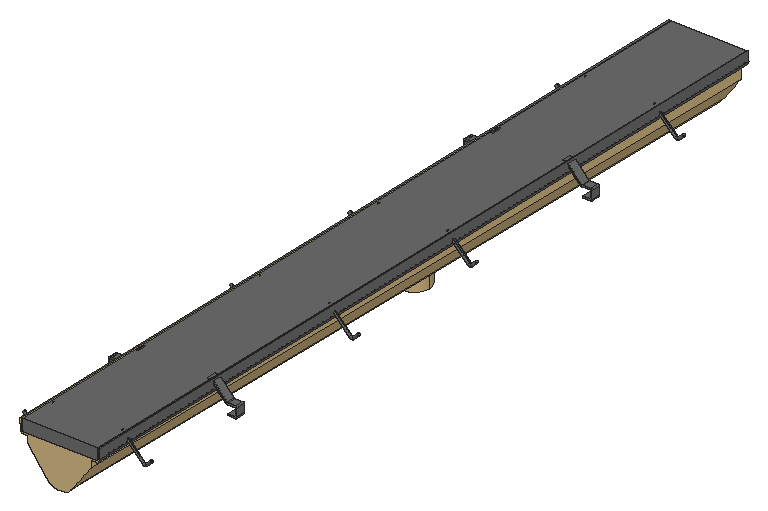
Revit family "xTrench_Drain-Jay R. Smith-9812BS", category Plumbing Fixtures, Revit 2019
Family settings
  Round Connector Dimension = Use Diameter
  Part Type = Normal
  OmniClass Number = 23.70.50.21.24
  OmniClass Title = Waste Water Drains
  Work Plane-Based = Yes
  Always vertical = No
  Cut with Voids When Loaded = No
  Shared = Yes
  Room Calculation Point = No
Parameters (values of type "9812-801")
  Waste Connection = yes
  Vent Connection = no
  Universal Shallow Closing End Cap = no
  Universal Deep Closing End Cap = no
  URL = "http://www.jrsmith.com"
  Type Comments = "10-inch WIDE HIGH CAPACITY PRE-SLOPED FIBERGLASS"  # constant formula
  Total Length = 108.00"
  Stainless Steel Bar Grate = no
  Shallow End Depth = 6.88"
  Product URL = "https://www.jrsmith.com/high-capacity-fiberglass-trench-9812"
  Product Documentation Link = "https://www.jrsmith.com/uploads/fileLibrary/d9812.pdf"
  Outlet Size (Specify) = 4.00"
  Opening Outer Rad = 2.25"  # constant formula
  Opening Inner Rad = 2.00"  # constant formula
  Model = "9812"
  Manufacturer = "Jay R. Smith"
  Line Spacing [instance] = 3.00"
  J Bend Anchor = yes
  Inlet Size (Specify) = 4.00"
  Horizontal Inlet Cap = no
  Horizontal Outlet Cap = no
  HW Connection = no
  Grate Material [instance] = Metal-Jay R. Smith-Steel
  Galvanized Steel Bar Grate = no
  End Cap Right = no
  Ductile Iron Slotted Grate = no
  Description = "10-inch WIDE HIGH CAPACITY PRE-SLOPED FIBERGLASS TRENCH DRAIN SYSTEM"  # constant formula
  Default Elevation = 0.00"
  Deep End Depth = 8.00"
  108 Channel Rebar = yes
  CW Connection = no
  Bottom Outlet Dist. from Front Inlet = 59.00"
  Bottom Outlet (Specify) = 4.00"
  Bottom Outlet = yes
  Body Material = Polyester-Jay R. Smith-Fiberglass
  Assembly Code = "D2030300"
  3N3 Rebar = no
  # of Lines [instance] = Total Length / Line Spacing  # 36
Types (21): name | Total Length | Shallow End Depth | Outlet Size (Specify) | J Bend Anchor | Deep End Depth | 108 Channel Rebar | Bottom Outlet Dist. from Front Inlet | 3N3 Rebar | # of Lines
  (no name) | 108.00" | 6.88" | 4.00" | yes | 8.00" | yes | 59.00" | no | 36
  9812-801 | 108.00" | 6.88" | 4.00" | yes | 8.00" | yes | 59.00" | no | 36
  9812-802 | 108.00" | 8.00" | 0.00" | yes | 9.13" | yes | 59.00" | no | 36
  9812-803 | 108.00" | 9.13" | 0.00" | yes | 10.25" | yes | 59.00" | no | 36
  9812-803N | 108.00" | 10.25" | 0.00" | yes | 10.25" | yes | 59.00" | no | 36
  9812-804 | 108.00" | 10.25" | 0.00" | yes | 11.38" | yes | 59.00" | no | 36
  9812-805 | 108.00" | 11.38" | 0.00" | yes | 12.50" | yes | 59.00" | no | 36
  9812-806 | 108.00" | 12.50" | 0.00" | yes | 13.63" | yes | 59.00" | no | 36
  9812-806N | 108.00" | 13.63" | 0.00" | yes | 13.63" | yes | 59.00" | no | 36
  9812-807 | 108.00" | 13.63" | 0.00" | yes | 14.75" | yes | 59.00" | no | 36
  9812-808 | 108.00" | 14.75" | 0.00" | yes | 15.88" | yes | 59.00" | no | 36
  9812-809N | 108.00" | 17.00" | 0.00" | yes | 17.00" | yes | 59.00" | no | 36
  9812-810 | 108.00" | 17.00" | 0.00" | yes | 18.13" | yes | 59.00" | no | 36
  9812-811 | 108.00" | 18.13" | 0.00" | yes | 19.25" | yes | 59.00" | no | 36
  9812-812 | 108.00" | 19.25" | 0.00" | yes | 20.38" | yes | 59.00" | no | 36
  9812-812N | 108.00" | 20.38" | 0.00" | yes | 20.38" | yes | 59.00" | no | 36
  9812-809 | 108.00" | 15.88" | 0.00" | yes | 17.00" | yes | 59.00" | no | 36
  9812-803N3 | 36.00" | 10.25" | 0.00" | no | 10.25" | no | 25.00" | yes | 12
  9812-806N3 | 36.00" | 13.63" | 0.00" | no | 13.63" | no | 25.00" | yes | 12
  9812-809N3 | 36.00" | 17.00" | 0.00" | no | 17.00" | no | 25.00" | yes | 12
  9812-812N3 | 36.00" | 20.38" | 0.00" | no | 20.38" | no | 25.00" | yes | 12
Reference planes
  plane 1 "Center (Front/Back)": y = 0
  plane 2: z = 0
  plane 3 "Center (Left/Right)": x = 0
  plane 4: z = -39.688
  plane 5: z = -174.752
  plane 6: z = -203.2
  plane 7: y = -749.3
  plane 8: y = -1993.9
  plane 9: y = -2743.2
  plane 10: y = -374.65
  plane 11: y = -2368.55
  plane 12: y = -1164.167
  plane 13: y = -1579.033
  plane 14: x = -101.6
  plane 15: x = 101.6
  plane 16: x = -128.27
  plane 17: x = 128.27
  plane 18: x = -217.17
  plane 19: x = 217.17
  plane 20: y = -2732.782
  plane 21: y = -2743.2
  plane 22: y = -2732.782
  plane 23: y = -2743.2
  plane 24: y = -2748.032
  plane 25: y = 0
  plane 26: y = -10.319
  plane 27: y = 0
  plane 28: y = -10.319
  plane 29: y = 4.762
  plane 30: y = -1244.6
  plane 31: z = -58.738
  plane 32: z = -146.05
  plane 33: z = -117.602
  plane 34: x = -46.047
  plane 35: x = 46.047
  plane 36: x = -46.233
  plane 37: x = 46.233
  plane 38: z = -95.941
  plane 39: z = -67.24
Forms (mm)
  Extrusion 1, solid, material "Metal-Jay R. Smith-Steel" <- "Grate Material"
    sketch origin (0, 0, 0) x (1, 0, 0) y (0, 0, 1)
      loop
        line (-127.937, 0) -> (-127.937, -33.338)
        arc (-127.937, -33.338) -> (-126.077, -37.828) -> (-121.587, -39.688) r 6.35
        line (-121.587, -39.688) -> (121.92, -39.688)
        arc (121.92, -39.688) -> (126.41, -37.828) -> (128.27, -33.338) r 6.35
        line (128.27, -33.338) -> (128.27, 0) -> (-127.937, 0)
    from 0 to 2743.2
  Extrusion 2, solid, material "Metal-Jay R. Smith-Steel" <- "Grate Material", visible <- "108 Channel Rebar"
    sketch origin (1191.736, -1652.191, -284.163) x (-1, 0, 0) y (0, 0, -1)
      loop
        line (1376.083, -192.808) -> (1376.083, -197.633) -> (1402.311, -197.633)
        arc (1402.311, -197.633) -> (1404.039, -198.349) -> (1404.755, -200.077) r 2.444
        line (1404.755, -200.077) -> (1404.755, -224.135)
        arc (1404.755, -224.135) -> (1404.271, -225.303) -> (1403.103, -225.787) r 1.651
        line (1403.103, -225.787) -> (1377.519, -225.787)
        arc (1377.519, -225.787) -> (1374.154, -226.456) -> (1371.302, -228.362) r 8.791
        line (1371.302, -228.362) -> (1319.668, -279.995) -> (1309.688, -279.995) -> (1309.688, -284.163) -> (1322.371, -284.163) -> (1374.734, -231.8)
        arc (1374.734, -231.8) -> (1375.721, -231.14) -> (1376.886, -230.908) r 3.044
        line (1376.886, -230.908) -> (1403.751, -230.908)
        arc (1403.751, -230.908) -> (1407.396, -229.398) -> (1408.906, -225.753) r 5.156
        line (1408.906, -225.753) -> (1408.906, -198.185)
        arc (1408.906, -198.185) -> (1407.332, -194.383) -> (1403.53, -192.808) r 5.376
        line (1403.53, -192.808) -> (1376.083, -192.808)
    from 584.2 to 613.569
  Extrusion 3, solid, material "Metal-Jay R. Smith-Steel" <- "Grate Material"
    sketch origin (1191.736, -150.416, -284.163) x (-1, 0, 0) y (0, 0, -1)
      loop
        line (1376.083, -192.808) -> (1376.083, -197.633) -> (1402.311, -197.633)
        arc (1402.311, -197.633) -> (1404.039, -198.349) -> (1404.755, -200.077) r 2.444
        line (1404.755, -200.077) -> (1404.755, -224.135)
        arc (1404.755, -224.135) -> (1404.271, -225.303) -> (1403.103, -225.787) r 1.651
        line (1403.103, -225.787) -> (1377.519, -225.787)
        arc (1377.519, -225.787) -> (1374.154, -226.456) -> (1371.302, -228.362) r 8.791
        line (1371.302, -228.362) -> (1319.668, -279.995) -> (1309.688, -279.995) -> (1309.688, -284.163) -> (1322.371, -284.163) -> (1374.734, -231.8)
        arc (1374.734, -231.8) -> (1375.721, -231.14) -> (1376.886, -230.908) r 3.044
        line (1376.886, -230.908) -> (1403.751, -230.908)
        arc (1403.751, -230.908) -> (1407.396, -229.398) -> (1408.906, -225.753) r 5.156
        line (1408.906, -225.753) -> (1408.906, -198.185)
        arc (1408.906, -198.185) -> (1407.332, -194.383) -> (1403.53, -192.808) r 5.376
        line (1403.53, -192.808) -> (1376.083, -192.808)
    from 584.2 to 613.569
  Sweep 4, solid, material "Metal-Jay R. Smith-Steel" <- "Grate Material", visible <- "J Bend Anchor"
    path origin (1194.332, -1384.249, -289.639) x (-1, 0, 0) y (0, 0, -1)
      loop
        line (1309.589, -286.938) -> (1384.176, -212.351)
        arc (1384.176, -212.351) -> (1389.322, -210.22) -> (1394.468, -212.351) r 7.278
        line (1394.468, -212.351) -> (1410.494, -228.377)
    profile origin (-152.551, -1384.249, -39.994) x (0.707107, 0, -0.707107) y (0, -1, 0)
      loop
        circle (0, 1241.476) r 3.81
  Sweep 5, solid, material "Metal-Jay R. Smith-Steel" <- "Grate Material", visible <- "J Bend Anchor"
    path origin (1194.332, -509.007, -289.639) x (-1, 0, 0) y (0, 0, -1)
      loop
        line (1309.589, -286.938) -> (1384.176, -212.351)
        arc (1384.176, -212.351) -> (1389.322, -210.22) -> (1394.468, -212.351) r 7.278
        line (1394.468, -212.351) -> (1410.494, -228.377)
    profile origin (-152.551, -509.007, -39.994) x (0.707107, 0, -0.707107) y (0, -1, 0)
      loop
        circle (0, 1241.476) r 3.81
  Sweep 6, solid, material "Metal-Jay R. Smith-Steel" <- "Grate Material", visible <- "J Bend Anchor"
    path origin (1194.332, -8.416, -289.639) x (-1, 0, 0) y (0, 0, -1)
      loop
        line (1309.589, -286.938) -> (1384.176, -212.351)
        arc (1384.176, -212.351) -> (1389.322, -210.22) -> (1394.468, -212.351) r 7.278
        line (1394.468, -212.351) -> (1410.494, -228.377)
    profile origin (-152.551, -8.416, -39.994) x (0.707107, 0, -0.707107) y (0, -1, 0)
      loop
        circle (0, 1241.476) r 3.81
  Sweep 7, solid, material "Metal-Jay R. Smith-Steel" <- "Grate Material", visible <- "J Bend Anchor"
    path origin (1194.332, 866.826, -289.639) x (-1, 0, 0) y (0, 0, -1)
      loop
        line (1309.589, -286.938) -> (1384.176, -212.351)
        arc (1384.176, -212.351) -> (1389.322, -210.22) -> (1394.468, -212.351) r 7.278
        line (1394.468, -212.351) -> (1410.494, -228.377)
    profile origin (-152.551, 866.826, -39.994) x (0.707107, 0, -0.707107) y (0, -1, 0)
      loop
        circle (0, 1241.476) r 3.81
  Extrusion 8, solid, material "Metal-Jay R. Smith-Steel" <- "Grate Material", visible <- "108 Channel Rebar"
    sketch origin (-1191.736, -1652.191, -284.163) x (1, 0, 0) y (0, 0, 1)
      loop
        line (1376.083, 192.808) -> (1403.53, 192.808)
        arc (1403.53, 192.808) -> (1407.332, 194.383) -> (1408.906, 198.185) r 5.376
        line (1408.906, 198.185) -> (1408.906, 225.753)
        arc (1408.906, 225.753) -> (1407.396, 229.398) -> (1403.751, 230.908) r 5.156
        line (1403.751, 230.908) -> (1376.886, 230.908)
        arc (1376.886, 230.908) -> (1375.721, 231.14) -> (1374.734, 231.8) r 3.044
        line (1374.734, 231.8) -> (1322.371, 284.163) -> (1309.688, 284.163) -> (1309.688, 279.995) -> (1319.668, 279.995) -> (1371.302, 228.362)
        arc (1371.302, 228.362) -> (1374.154, 226.456) -> (1377.519, 225.787) r 8.791
        line (1377.519, 225.787) -> (1403.103, 225.787)
        arc (1403.103, 225.787) -> (1404.271, 225.303) -> (1404.755, 224.135) r 1.651
        line (1404.755, 224.135) -> (1404.755, 200.077)
        arc (1404.755, 200.077) -> (1404.039, 198.349) -> (1402.311, 197.633) r 2.444
        line (1402.311, 197.633) -> (1376.083, 197.633) -> (1376.083, 192.808)
    from 584.2 to 613.569
  Extrusion 9, solid, material "Metal-Jay R. Smith-Steel" <- "Grate Material"
    sketch origin (-1191.736, -150.416, -284.163) x (1, 0, 0) y (0, 0, 1)
      loop
        line (1376.083, 192.808) -> (1403.53, 192.808)
        arc (1403.53, 192.808) -> (1407.332, 194.383) -> (1408.906, 198.185) r 5.376
        line (1408.906, 198.185) -> (1408.906, 225.753)
        arc (1408.906, 225.753) -> (1407.396, 229.398) -> (1403.751, 230.908) r 5.156
        line (1403.751, 230.908) -> (1376.886, 230.908)
        arc (1376.886, 230.908) -> (1375.721, 231.14) -> (1374.734, 231.8) r 3.044
        line (1374.734, 231.8) -> (1322.371, 284.163) -> (1309.688, 284.163) -> (1309.688, 279.995) -> (1319.668, 279.995) -> (1371.302, 228.362)
        arc (1371.302, 228.362) -> (1374.154, 226.456) -> (1377.519, 225.787) r 8.791
        line (1377.519, 225.787) -> (1403.103, 225.787)
        arc (1403.103, 225.787) -> (1404.271, 225.303) -> (1404.755, 224.135) r 1.651
        line (1404.755, 224.135) -> (1404.755, 200.077)
        arc (1404.755, 200.077) -> (1404.039, 198.349) -> (1402.311, 197.633) r 2.444
        line (1402.311, 197.633) -> (1376.083, 197.633) -> (1376.083, 192.808)
    from 584.2 to 613.569
  Sweep 10, solid, material "Metal-Jay R. Smith-Steel" <- "Grate Material", visible <- "J Bend Anchor"
    path origin (-1194.332, -1384.249, -289.639) x (1, 0, 0) y (0, 0, 1)
      loop
        line (1309.589, 286.938) -> (1384.176, 212.351)
        arc (1384.176, 212.351) -> (1389.322, 210.22) -> (1394.468, 212.351) r 7.278
        line (1394.468, 212.351) -> (1410.494, 228.377)
    profile origin (152.551, -1384.249, -39.994) x (0.707107, 0, 0.707107) y (0, -1, 0)
      loop
        circle (0, 1241.476) r 3.81
  Sweep 11, solid, material "Metal-Jay R. Smith-Steel" <- "Grate Material", visible <- "J Bend Anchor"
    path origin (-1194.332, -509.007, -289.639) x (1, 0, 0) y (0, 0, 1)
      loop
        line (1309.589, 286.938) -> (1384.176, 212.351)
        arc (1384.176, 212.351) -> (1389.322, 210.22) -> (1394.468, 212.351) r 7.278
        line (1394.468, 212.351) -> (1410.494, 228.377)
    profile origin (152.551, -509.007, -39.994) x (0.707107, 0, 0.707107) y (0, -1, 0)
      loop
        circle (0, 1241.476) r 3.81
  Sweep 12, solid, material "Metal-Jay R. Smith-Steel" <- "Grate Material", visible <- "J Bend Anchor"
    path origin (-1194.332, -8.416, -289.639) x (1, 0, 0) y (0, 0, 1)
      loop
        line (1309.589, 286.938) -> (1384.176, 212.351)
        arc (1384.176, 212.351) -> (1389.322, 210.22) -> (1394.468, 212.351) r 7.278
        line (1394.468, 212.351) -> (1410.494, 228.377)
    profile origin (152.551, -8.416, -39.994) x (0.707107, 0, 0.707107) y (0, -1, 0)
      loop
        circle (0, 1241.476) r 3.81
  Sweep 13, solid, material "Metal-Jay R. Smith-Steel" <- "Grate Material", visible <- "J Bend Anchor"
    path origin (-1194.332, 866.826, -289.639) x (1, 0, 0) y (0, 0, 1)
      loop
        line (1309.589, 286.938) -> (1384.176, 212.351)
        arc (1384.176, 212.351) -> (1389.322, 210.22) -> (1394.468, 212.351) r 7.278
        line (1394.468, 212.351) -> (1410.494, 228.377)
    profile origin (152.551, 866.826, -39.994) x (0.707107, 0, 0.707107) y (0, -1, 0)
      loop
        circle (0, 1241.476) r 3.81
  Extrusion 14, solid, material "Polyester-Jay R. Smith-Fiberglass" <- "Body Material", visible <- "Bottom Outlet"
    sketch origin (0, 0, 0) x (1, 0, 0) y (0, 1, 0)
      loop
        circle (0, -1244.6) r 50.8
    from -203.2 to -58.738
  Extrusion 15, solid, material "Metal-Jay R. Smith-Steel" <- "Grate Material", visible <- "3N3 Rebar"
    sketch origin (1191.736, 433.784, -284.163) x (-1, 0, 0) y (0, 0, -1)
      loop
        line (1376.083, -192.808) -> (1376.083, -197.633) -> (1402.311, -197.633)
        arc (1402.311, -197.633) -> (1404.039, -198.349) -> (1404.755, -200.077) r 2.444
        line (1404.755, -200.077) -> (1404.755, -224.135)
        arc (1404.755, -224.135) -> (1404.271, -225.303) -> (1403.103, -225.787) r 1.651
        line (1403.103, -225.787) -> (1377.519, -225.787)
        arc (1377.519, -225.787) -> (1374.154, -226.456) -> (1371.302, -228.362) r 8.791
        line (1371.302, -228.362) -> (1319.668, -279.995) -> (1309.688, -279.995) -> (1309.688, -284.163) -> (1322.371, -284.163) -> (1374.734, -231.8)
        arc (1374.734, -231.8) -> (1375.721, -231.14) -> (1376.886, -230.908) r 3.044
        line (1376.886, -230.908) -> (1403.751, -230.908)
        arc (1403.751, -230.908) -> (1407.396, -229.398) -> (1408.906, -225.753) r 5.156
        line (1408.906, -225.753) -> (1408.906, -198.185)
        arc (1408.906, -198.185) -> (1407.332, -194.383) -> (1403.53, -192.808) r 5.376
        line (1403.53, -192.808) -> (1376.083, -192.808)
    from 584.2 to 613.569
  Extrusion 16, solid, material "Metal-Jay R. Smith-Steel" <- "Grate Material", visible <- "3N3 Rebar"
    sketch origin (-1191.736, 433.784, -284.163) x (1, 0, 0) y (0, 0, 1)
      loop
        line (1376.083, 192.808) -> (1403.53, 192.808)
        arc (1403.53, 192.808) -> (1407.332, 194.383) -> (1408.906, 198.185) r 5.376
        line (1408.906, 198.185) -> (1408.906, 225.753)
        arc (1408.906, 225.753) -> (1407.396, 229.398) -> (1403.751, 230.908) r 5.156
        line (1403.751, 230.908) -> (1376.886, 230.908)
        arc (1376.886, 230.908) -> (1375.721, 231.14) -> (1374.734, 231.8) r 3.044
        line (1374.734, 231.8) -> (1322.371, 284.163) -> (1309.688, 284.163) -> (1309.688, 279.995) -> (1319.668, 279.995) -> (1371.302, 228.362)
        arc (1371.302, 228.362) -> (1374.154, 226.456) -> (1377.519, 225.787) r 8.791
        line (1377.519, 225.787) -> (1403.103, 225.787)
        arc (1403.103, 225.787) -> (1404.271, 225.303) -> (1404.755, 224.135) r 1.651
        line (1404.755, 224.135) -> (1404.755, 200.077)
        arc (1404.755, 200.077) -> (1404.039, 198.349) -> (1402.311, 197.633) r 2.444
        line (1402.311, 197.633) -> (1376.083, 197.633) -> (1376.083, 192.808)
    from 584.2 to 613.569
  Blend 17, solid, material "Polyester-Jay R. Smith-Fiberglass" <- "Body Material"
    base sketch origin (0, 0, 0) x (1, 0, 0) y (0, 0, 1)
      loop
        arc (-46.233, -179.645) -> (0, -203.2) -> (46.233, -179.645) r 57.15
        line (46.233, -179.645) -> (107.95, -95.941) -> (107.95, -46.037) -> (121.587, -46.037)
        arc (121.587, -46.037) -> (130.567, -42.318) -> (134.287, -33.338) r 12.7
        line (134.287, -33.338) -> (134.287, 0) -> (127.937, 0) -> (127.937, -33.338)
        arc (127.937, -33.338) -> (126.077, -37.828) -> (121.587, -39.688) r 6.35
        line (121.587, -39.688) -> (-121.587, -39.688)
        arc (-121.587, -39.688) -> (-126.077, -37.828) -> (-127.937, -33.338) r 6.35
        line (-127.937, -33.338) -> (-127.937, 0) -> (-134.287, 0) -> (-134.287, -33.338)
        arc (-134.287, -33.338) -> (-130.567, -42.318) -> (-121.587, -46.038) r 12.7
        line (-121.587, -46.038) -> (-107.95, -46.038) -> (-107.95, -95.941) -> (-46.233, -179.645)
    top sketch origin (0, 0, 0) x (1, 0, 0) y (0, 0, 1)
      loop
        line (-127.937, 0) -> (-134.287, 0) -> (-134.287, -33.337)
        arc (-134.287, -33.337) -> (-130.567, -42.318) -> (-121.587, -46.037) r 12.7
        line (-121.587, -46.037) -> (-107.95, -46.038) -> (-107.95, -67.24) -> (-46.047, -151.451)
        arc (-46.047, -151.451) -> (0, -174.752) -> (46.047, -151.451) r 57.15
        line (46.047, -151.451) -> (107.95, -67.24) -> (107.95, -46.037) -> (121.587, -46.037)
        arc (121.587, -46.037) -> (130.567, -42.318) -> (134.287, -33.337) r 12.7
        line (134.287, -33.337) -> (134.287, 0) -> (127.937, 0) -> (127.937, -33.337)
        arc (127.937, -33.337) -> (126.077, -37.828) -> (121.587, -39.687) r 6.35
        line (121.587, -39.687) -> (-121.587, -39.687)
        arc (-121.587, -39.687) -> (-126.077, -37.828) -> (-127.937, -33.337) r 6.35
        line (-127.937, -33.337) -> (-127.937, 0)
    from 0 to 2743.2
  Extrusion 18, solid, material "Polyester-Jay R. Smith-Fiberglass" <- "Body Material", visible <- "Horizontal Inlet Cap"
    sketch origin (0, 0, 0) x (1, 0, 0) y (0, 0, 1)
      loop
        circle (0, -117.602) r 57.15
    from 2743.2 to 2748.032
  Extrusion 19, solid, material "Polyester-Jay R. Smith-Fiberglass" <- "Body Material", visible <- "Horizontal Outlet Cap"
    sketch origin (0, 0, 0) x (1, 0, 0) y (0, 0, 1)
      loop
        circle (0, -146.05) r 57.15
    from -4.763 to 0
Lines and regions (mm)
  model lines
    curve 1: line (0, 0, 0) -> (0, -2743.2, 0)
  model lines, detail levels medium+fine
    curve 2: line (-127.937, 0, 0) -> (128.191, 0, 0)
    curve 3: line (-127.937, -76.2, 0) -> (128.191, -76.2, 0)
    curve 4: line (-127.937, -152.4, 0) -> (128.191, -152.4, 0)
    curve 5: line (-127.937, -228.6, 0) -> (128.191, -228.6, 0)
    curve 6: line (-127.937, -304.8, 0) -> (128.191, -304.8, 0)
    curve 7: line (-127.937, -381, 0) -> (128.191, -381, 0)
    curve 8: line (-127.937, -457.2, 0) -> (128.191, -457.2, 0)
    curve 9: line (-127.937, -533.4, 0) -> (128.191, -533.4, 0)
    curve 10: line (-127.937, -609.6, 0) -> (128.191, -609.6, 0)
    curve 11: line (-127.937, -685.8, 0) -> (128.191, -685.8, 0)
    curve 12: line (-127.937, -762, 0) -> (128.191, -762, 0)
    curve 13: line (-127.937, -838.2, 0) -> (128.191, -838.2, 0)
    curve 14: line (-127.937, -914.4, 0) -> (128.191, -914.4, 0)
    curve 15: line (-127.937, -990.6, 0) -> (128.191, -990.6, 0)
    curve 16: line (-127.937, -1066.8, 0) -> (128.191, -1066.8, 0)
    curve 17: line (-127.937, -1143, 0) -> (128.191, -1143, 0)
    curve 18: line (-127.937, -1219.2, 0) -> (128.191, -1219.2, 0)
    curve 19: line (-127.937, -1295.4, 0) -> (128.191, -1295.4, 0)
    curve 20: line (-127.937, -1371.6, 0) -> (128.191, -1371.6, 0)
    curve 21: line (-127.937, -1447.8, 0) -> (128.191, -1447.8, 0)
    curve 22: line (-127.937, -1524, 0) -> (128.191, -1524, 0)
    curve 23: line (-127.937, -1600.2, 0) -> (128.191, -1600.2, 0)
    curve 24: line (-127.937, -1676.4, 0) -> (128.191, -1676.4, 0)
    curve 25: line (-127.937, -1752.6, 0) -> (128.191, -1752.6, 0)
    curve 26: line (-127.937, -1828.8, 0) -> (128.191, -1828.8, 0)
    curve 27: line (-127.937, -1905, 0) -> (128.191, -1905, 0)
    curve 28: line (-127.937, -1981.2, 0) -> (128.191, -1981.2, 0)
    curve 29: line (-127.937, -2057.4, 0) -> (128.191, -2057.4, 0)
    curve 30: line (-127.937, -2133.6, 0) -> (128.191, -2133.6, 0)
    curve 31: line (-127.937, -2209.8, 0) -> (128.191, -2209.8, 0)
    curve 32: line (-127.937, -2286, 0) -> (128.191, -2286, 0)
    curve 33: line (-127.937, -2362.2, 0) -> (128.191, -2362.2, 0)
    curve 34: line (-127.937, -2438.4, 0) -> (128.191, -2438.4, 0)
    curve 35: line (-127.937, -2514.6, 0) -> (128.191, -2514.6, 0)
    curve 36: line (-127.937, -2590.8, 0) -> (128.191, -2590.8, 0)
    curve 37: line (-127.937, -2667, 0) -> (128.191, -2667, 0)
    curve 38: line (-127.937, -2743.2, 0) -> (128.191, -2743.2, 0)
Dimensions and locks
  locked: plane 2 to plane 4 at 39.687
  "Shallow End Depth": level to plane 5
  "Deep End Depth": level to plane 6
  locked: plane 7 to plane 1 "Center (Front/Back)" at 749.3
  plane 7 to plane 8 = 49.00"
  locked: plane 8 to plane 9 at 749.3
  "Total Length": plane 1 "Center (Front/Back)" to plane 9
  equal spacing: plane 7, plane 10, plane 1 "Center (Front/Back)"
  equal spacing: plane 8, plane 11, plane 9
  equal spacing: plane 7, plane 12, plane 13, plane 8
  plane 15 to plane 14 = 8.00"
  plane 17 to plane 16 = 10.10"
  plane 19 to plane 18 = 17.10"
  locked: plane 20 to plane 21 at 10.418
  locked: plane 22 to plane 23 at 10.418
  locked: plane 23 to plane 24 at 4.832
  locked: plane 25 to plane 26 at 10.319
  locked: plane 27 to plane 28 at 10.319
  locked: plane 29 to plane 27 at 4.763
  locked: plane 31 to plane 5 at 116.014
  "Bottom Outlet Dist. from Front Inlet": plane 30 to plane 9
  plane 1 "Center (Front/Back)" to plane 9 = 108.00"
  plane 2 to plane 31 = 2.3125"
  locked: plane 32 to plane 6 at 57.15
  locked: plane 33 to plane 5 at 57.15
  locked: plane 38 to plane 32 at 50.109
  locked: plane 39 to plane 33 at 50.362
  "Line Spacing": curve 3 to curve 2
  equal spacing: group 1, group 2, group 3, group 4, group 5, group 6, group 7, group 8, group 9, group 10, group 11, group 12, group 13, group 14, group 15, group 16, group 17, group 18, group 19, group 20, group 21, group 22, group 23, group 24, group 25, group 26, group 27, group 28, group 29, group 30, group 31, group 32, group 33, group 34, group 35, group 36  (x2)
  equal spacing: group 36, group 35, group 34, group 33, group 32, group 31, group 30, group 29, group 28, group 27, group 26, group 25, group 24, group 23, group 22, group 21, group 20, group 19, group 18, group 17, group 16, group 15, group 14, group 13, group 12, group 11, group 10, group 9, group 8, group 7, group 6, group 5, group 4, group 3, group 2, group 1
  "Line Spacing": curve 4 to curve 3
  "Bottom Outlet (Specify)": diameter of Extrusion 14 sketch curve
  "Opening Outer Rad": radius of Blend 17 sketch curve  (x2)
  aligned and locked: Extrusion 1 sketch curve to level
  aligned and locked: Extrusion 1 to plane 1 "Center (Front/Back)"
  aligned and locked: Extrusion 1 to plane 9
  aligned and locked: plane 17 to Extrusion 1 sketch curve
  aligned and locked: plane 9 to plane 21
  aligned and locked: plane 9 to plane 23
  aligned and locked: plane 25 to plane 1 "Center (Front/Back)"
  aligned and locked: plane 27 to plane 1 "Center (Front/Back)"
  aligned and locked: plane 30 to Extrusion 14 sketch curve
  aligned and locked: plane 3 "Center (Left/Right)" to Extrusion 14 sketch curve
  aligned and locked: Extrusion 14 to plane 6
  aligned and locked: plane 31 to Extrusion 14
  aligned and locked: plane 23 to curve 1
  aligned and locked: plane 27 to curve 1
  aligned and locked: plane 32 to Blend 17 sketch curve
  aligned and locked: plane 33 to Blend 17 sketch curve
  aligned and locked: plane 34 to Blend 17 sketch curve
  aligned and locked: plane 35 to Blend 17 sketch curve
  aligned and locked: plane 36 to Blend 17 sketch curve
  aligned and locked: Blend 17 sketch curve to plane 37
  aligned and locked: plane 38 to Blend 17 sketch curve  (x2)
  aligned and locked: plane 39 to Blend 17 sketch curve  (x2)
  aligned and locked: Blend 17 to plane 9
  aligned and locked: Extrusion 18 sketch curve to Blend 17
  aligned and locked: plane 9 to Extrusion 18
  aligned and locked: plane 24 to Extrusion 18
  aligned and locked: Extrusion 19 sketch curve to Blend 17
  aligned and locked: plane 1 "Center (Front/Back)" to Extrusion 19
  aligned and locked: Extrusion 19 to plane 29
Automatic sketch dimensions
  plane 4 to Extrusion 1 sketch curve = 0.25"  (x2)
  Extrusion 2 sketch curve to level = 0.00"
  Extrusion 2 sketch curve to plane 18 = 0.00"
  plane 18 to Extrusion 2 sketch curve = 0.16345"
  plane 18 to Extrusion 2 sketch curve = 0.20297"
  plane 18 to Extrusion 2 sketch curve = 0.21167"
  Extrusion 2 sketch curve to Extrusion 2 sketch curve = 0.02548"
  Extrusion 2 sketch curve to Extrusion 2 sketch curve = 0.04799"
  Extrusion 2 sketch curve to Extrusion 2 sketch curve = 1.00728"
  Extrusion 2 sketch curve to Extrusion 2 sketch curve = 0.0249"
  Extrusion 2 sketch curve to Extrusion 2 sketch curve = 1.0326"
  Extrusion 2 sketch curve to plane 4 = 0.49903"
  Extrusion 2 sketch curve to Extrusion 2 sketch curve = 0.08473"
  Extrusion 2 sketch curve to plane 4 = 0.63439"
  Extrusion 2 sketch curve to Extrusion 2 sketch curve = 0.13511"
  Extrusion 2 sketch curve to plane 16 = 0.0931"
  plane 16 to Extrusion 2 sketch curve = 0.01331"
  plane 16 to Extrusion 2 sketch curve = 0.40625"
  Extrusion 2 sketch curve to Extrusion 2 sketch curve = 0.16406"
  Extrusion 2 sketch curve to Extrusion 2 sketch curve = 0.10939"
  Extrusion 2 sketch curve to Extrusion 2 sketch curve = 0.02465"
  Extrusion 2 sketch curve to Extrusion 2 sketch curve = 0.94716"
  Extrusion 2 sketch curve to Extrusion 2 sketch curve = 0.0217"
  Extrusion 3 sketch curve to level = 0.00"
  Extrusion 3 sketch curve to plane 18 = 0.00"
  plane 18 to Extrusion 3 sketch curve = 0.16345"
  plane 18 to Extrusion 3 sketch curve = 0.20297"
  plane 18 to Extrusion 3 sketch curve = 0.21167"
  Extrusion 3 sketch curve to Extrusion 3 sketch curve = 0.02548"
  Extrusion 3 sketch curve to Extrusion 3 sketch curve = 0.04799"
  Extrusion 3 sketch curve to Extrusion 3 sketch curve = 1.00728"
  Extrusion 3 sketch curve to Extrusion 3 sketch curve = 0.0249"
  Extrusion 3 sketch curve to Extrusion 3 sketch curve = 1.0326"
  Extrusion 3 sketch curve to plane 4 = 0.49903"
  Extrusion 3 sketch curve to Extrusion 3 sketch curve = 0.08473"
  Extrusion 3 sketch curve to plane 4 = 0.63439"
  Extrusion 3 sketch curve to Extrusion 3 sketch curve = 0.13511"
  Extrusion 3 sketch curve to plane 16 = 0.0931"
  plane 16 to Extrusion 3 sketch curve = 0.01331"
  plane 16 to Extrusion 3 sketch curve = 0.40625"
  Extrusion 3 sketch curve to Extrusion 3 sketch curve = 0.16406"
  Extrusion 3 sketch curve to Extrusion 3 sketch curve = 0.10939"
  Extrusion 3 sketch curve to Extrusion 3 sketch curve = 0.02465"
  Extrusion 3 sketch curve to Extrusion 3 sketch curve = 0.94716"
  Extrusion 3 sketch curve to Extrusion 3 sketch curve = 0.0217"
  plane 18 to Sweep 4 sketch curve = 1.07583"
  Sweep 4 sketch curve to Sweep 4 sketch curve = 0.20261"  (x3)
  Sweep 4 sketch curve to plane 4 = 1.27772"
  Sweep 4 sketch curve to level = 0.10634"
  plane 16 to Sweep 4 sketch curve = 0.51232"
  plane 18 to Sweep 4 sketch curve = 0.03968"
  Sweep 4 sketch curve to plane 4 = 0.84939"
  Sweep 4 sketch curve to profile plane = 0.00"
  profile plane to Sweep 4 sketch curve = 48.877"
  plane 18 to Sweep 5 sketch curve = 1.07583"
  Sweep 5 sketch curve to Sweep 5 sketch curve = 0.20261"  (x3)
  Sweep 5 sketch curve to plane 4 = 1.27772"
  Sweep 5 sketch curve to level = 0.10634"
  plane 16 to Sweep 5 sketch curve = 0.51232"
  plane 18 to Sweep 5 sketch curve = 0.03968"
  Sweep 5 sketch curve to plane 4 = 0.84939"
  Sweep 5 sketch curve to profile plane = 0.00"
  profile plane to Sweep 5 sketch curve = 48.877"
  plane 18 to Sweep 6 sketch curve = 1.07583"
  Sweep 6 sketch curve to Sweep 6 sketch curve = 0.20261"  (x3)
  Sweep 6 sketch curve to plane 4 = 1.27772"
  Sweep 6 sketch curve to level = 0.10634"
  plane 16 to Sweep 6 sketch curve = 0.51232"
  plane 18 to Sweep 6 sketch curve = 0.03968"
  Sweep 6 sketch curve to plane 4 = 0.84939"
  Sweep 6 sketch curve to profile plane = 0.00"
  profile plane to Sweep 6 sketch curve = 48.877"
  plane 18 to Sweep 7 sketch curve = 1.07583"
  Sweep 7 sketch curve to Sweep 7 sketch curve = 0.20261"  (x3)
  Sweep 7 sketch curve to plane 4 = 1.27772"
  Sweep 7 sketch curve to level = 0.10634"
  plane 16 to Sweep 7 sketch curve = 0.51232"
  plane 18 to Sweep 7 sketch curve = 0.03968"
  Sweep 7 sketch curve to plane 4 = 0.84939"
  Sweep 7 sketch curve to profile plane = 0.00"
  profile plane to Sweep 7 sketch curve = 48.877"
  Extrusion 8 sketch curve to level = 0.00"
  plane 19 to Extrusion 8 sketch curve = 0.00"
  plane 19 to Extrusion 8 sketch curve = 0.16345"
  plane 19 to Extrusion 8 sketch curve = 0.20297"
  plane 19 to Extrusion 8 sketch curve = 0.21167"
  Extrusion 8 sketch curve to Extrusion 8 sketch curve = 0.02548"
  Extrusion 8 sketch curve to Extrusion 8 sketch curve = 0.04799"
  Extrusion 8 sketch curve to Extrusion 8 sketch curve = 1.00728"
  Extrusion 8 sketch curve to Extrusion 8 sketch curve = 0.0249"
  Extrusion 8 sketch curve to Extrusion 8 sketch curve = 1.0326"
  Extrusion 8 sketch curve to plane 4 = 0.49903"
  Extrusion 8 sketch curve to Extrusion 8 sketch curve = 0.08473"
  Extrusion 8 sketch curve to plane 4 = 0.63439"
  Extrusion 8 sketch curve to Extrusion 8 sketch curve = 0.13511"
  Extrusion 8 sketch curve to plane 17 = 0.0931"
  plane 17 to Extrusion 8 sketch curve = 0.01331"
  plane 17 to Extrusion 8 sketch curve = 0.40625"
  Extrusion 8 sketch curve to Extrusion 8 sketch curve = 0.23674"
  Extrusion 8 sketch curve to Extrusion 8 sketch curve = 0.00134"
  Extrusion 8 sketch curve to Extrusion 8 sketch curve = 0.94716"
  Extrusion 8 sketch curve to Extrusion 8 sketch curve = 0.07452"
  Extrusion 8 sketch curve to level = 0.16406"
  Extrusion 9 sketch curve to level = 0.00"
  plane 19 to Extrusion 9 sketch curve = 0.00"
  plane 19 to Extrusion 9 sketch curve = 0.16345"
  plane 19 to Extrusion 9 sketch curve = 0.20297"
  plane 19 to Extrusion 9 sketch curve = 0.21167"
  Extrusion 9 sketch curve to Extrusion 9 sketch curve = 0.02548"
  Extrusion 9 sketch curve to Extrusion 9 sketch curve = 0.04799"
  Extrusion 9 sketch curve to Extrusion 9 sketch curve = 1.00728"
  Extrusion 9 sketch curve to Extrusion 9 sketch curve = 0.0249"
  Extrusion 9 sketch curve to Extrusion 9 sketch curve = 1.0326"
  Extrusion 9 sketch curve to plane 4 = 0.49903"
  Extrusion 9 sketch curve to Extrusion 9 sketch curve = 0.08473"
  Extrusion 9 sketch curve to plane 4 = 0.63439"
  Extrusion 9 sketch curve to Extrusion 9 sketch curve = 0.13511"
  Extrusion 9 sketch curve to plane 17 = 0.0931"
  plane 17 to Extrusion 9 sketch curve = 0.01331"
  plane 17 to Extrusion 9 sketch curve = 0.40625"
  Extrusion 9 sketch curve to Extrusion 9 sketch curve = 0.23674"
  Extrusion 9 sketch curve to Extrusion 9 sketch curve = 0.00134"
  Extrusion 9 sketch curve to Extrusion 9 sketch curve = 0.94716"
  Extrusion 9 sketch curve to Extrusion 9 sketch curve = 0.07452"
  Extrusion 9 sketch curve to level = 0.16406"
  plane 19 to Sweep 10 sketch curve = 1.07583"
  Sweep 10 sketch curve to Sweep 10 sketch curve = 0.20261"  (x3)
  Sweep 10 sketch curve to plane 4 = 1.48033"
  Sweep 10 sketch curve to level = 0.10634"
  plane 17 to Sweep 10 sketch curve = 0.51232"
  plane 19 to Sweep 10 sketch curve = 0.03968"
  Sweep 10 sketch curve to plane 4 = 0.84939"
  Sweep 10 sketch curve to profile plane = 0.00"
  profile plane to Sweep 10 sketch curve = 48.877"
  plane 19 to Sweep 11 sketch curve = 1.07583"
  Sweep 11 sketch curve to Sweep 11 sketch curve = 0.20261"  (x3)
  Sweep 11 sketch curve to plane 4 = 1.48033"
  Sweep 11 sketch curve to level = 0.10634"
  plane 17 to Sweep 11 sketch curve = 0.51232"
  plane 19 to Sweep 11 sketch curve = 0.03968"
  Sweep 11 sketch curve to plane 4 = 0.84939"
  Sweep 11 sketch curve to profile plane = 0.00"
  profile plane to Sweep 11 sketch curve = 48.877"
  plane 19 to Sweep 12 sketch curve = 1.07583"
  Sweep 12 sketch curve to Sweep 12 sketch curve = 0.20261"  (x3)
  Sweep 12 sketch curve to plane 4 = 1.48033"
  Sweep 12 sketch curve to level = 0.10634"
  plane 17 to Sweep 12 sketch curve = 0.51232"
  plane 19 to Sweep 12 sketch curve = 0.03968"
  Sweep 12 sketch curve to plane 4 = 0.84939"
  Sweep 12 sketch curve to profile plane = 0.00"
  profile plane to Sweep 12 sketch curve = 48.877"
  plane 19 to Sweep 13 sketch curve = 1.07583"
  Sweep 13 sketch curve to Sweep 13 sketch curve = 0.20261"  (x3)
  Sweep 13 sketch curve to plane 4 = 1.48033"
  Sweep 13 sketch curve to level = 0.10634"
  plane 17 to Sweep 13 sketch curve = 0.51232"
  plane 19 to Sweep 13 sketch curve = 0.03968"
  Sweep 13 sketch curve to plane 4 = 0.84939"
  Sweep 13 sketch curve to profile plane = 0.00"
  profile plane to Sweep 13 sketch curve = 48.877"
  Extrusion 15 sketch curve to level = 0.00"
  Extrusion 15 sketch curve to plane 18 = 0.00"
  plane 18 to Extrusion 15 sketch curve = 0.16345"
  plane 18 to Extrusion 15 sketch curve = 0.20297"
  plane 18 to Extrusion 15 sketch curve = 0.21167"
  Extrusion 15 sketch curve to Extrusion 15 sketch curve = 0.02548"
  Extrusion 15 sketch curve to Extrusion 15 sketch curve = 0.04799"
  Extrusion 15 sketch curve to Extrusion 15 sketch curve = 1.00728"
  Extrusion 15 sketch curve to Extrusion 15 sketch curve = 0.0249"
  Extrusion 15 sketch curve to Extrusion 15 sketch curve = 1.0326"
  Extrusion 15 sketch curve to plane 4 = 0.49903"
  Extrusion 15 sketch curve to Extrusion 15 sketch curve = 0.08473"
  Extrusion 15 sketch curve to plane 4 = 0.63439"
  Extrusion 15 sketch curve to Extrusion 15 sketch curve = 0.13511"
  Extrusion 15 sketch curve to plane 16 = 0.0931"
  plane 16 to Extrusion 15 sketch curve = 0.01331"
  plane 16 to Extrusion 15 sketch curve = 0.40625"
  Extrusion 15 sketch curve to Extrusion 15 sketch curve = 0.16406"
  Extrusion 15 sketch curve to Extrusion 15 sketch curve = 0.10939"
  Extrusion 15 sketch curve to Extrusion 15 sketch curve = 0.02465"
  Extrusion 15 sketch curve to Extrusion 15 sketch curve = 0.94716"
  Extrusion 15 sketch curve to Extrusion 15 sketch curve = 0.0217"
  Extrusion 16 sketch curve to level = 0.00"
  plane 19 to Extrusion 16 sketch curve = 0.00"
  plane 19 to Extrusion 16 sketch curve = 0.16345"
  plane 19 to Extrusion 16 sketch curve = 0.20297"
  plane 19 to Extrusion 16 sketch curve = 0.21167"
  Extrusion 16 sketch curve to Extrusion 16 sketch curve = 0.02548"
  Extrusion 16 sketch curve to Extrusion 16 sketch curve = 0.04799"
  Extrusion 16 sketch curve to Extrusion 16 sketch curve = 1.00728"
  Extrusion 16 sketch curve to Extrusion 16 sketch curve = 0.0249"
  Extrusion 16 sketch curve to Extrusion 16 sketch curve = 1.0326"
  Extrusion 16 sketch curve to plane 4 = 0.49903"
  Extrusion 16 sketch curve to Extrusion 16 sketch curve = 0.08473"
  Extrusion 16 sketch curve to plane 4 = 0.63439"
  Extrusion 16 sketch curve to Extrusion 16 sketch curve = 0.13511"
  Extrusion 16 sketch curve to plane 17 = 0.0931"
  plane 17 to Extrusion 16 sketch curve = 0.01331"
  plane 17 to Extrusion 16 sketch curve = 0.40625"
  Extrusion 16 sketch curve to Extrusion 16 sketch curve = 0.23674"
  Extrusion 16 sketch curve to Extrusion 16 sketch curve = 0.00134"
  Extrusion 16 sketch curve to Extrusion 16 sketch curve = 0.94716"
  Extrusion 16 sketch curve to Extrusion 16 sketch curve = 0.07452"
  Extrusion 16 sketch curve to level = 0.16406"
  Extrusion 1 sketch curve to plane 4 = 0.00"
  plane 16 to Extrusion 1 sketch curve = 0.26313"
  curve 1 to plane 3 "Center (Left/Right)" = 0.00"
  plane 16 to curve 2 = 0.01313"
  plane 17 to curve 2 = 0.00311"
  Blend 17 sketch curve to Blend 17 sketch curve = 0.00"  (x8)
  Blend 17 sketch curve to level = 0.00"  (x4)
  Blend 17 sketch curve to plane 4 = 0.00"  (x2)
  Blend 17 sketch curve to plane 3 "Center (Left/Right)" = 0.00"  (x2)
  Blend 17 sketch curve to plane 14 = 0.25"  (x2)
  plane 16 to Blend 17 sketch curve = 0.26313"  (x2)
  plane 16 to Blend 17 sketch curve = 0.01313"  (x2)
  Blend 17 sketch curve to plane 16 = 0.23687"  (x2)
  Blend 17 sketch curve to plane 15 = 0.25"  (x2)
  plane 17 to Blend 17 sketch curve = 0.26313"  (x2)
  plane 17 to Blend 17 sketch curve = 0.01313"  (x2)
  Blend 17 sketch curve to plane 17 = 0.23687"  (x2)
  radius of Sweep 4 sketch curve = 0.15"
  radius of Sweep 5 sketch curve = 0.15"
  radius of Sweep 6 sketch curve = 0.15"
  radius of Sweep 7 sketch curve = 0.15"
  radius of Sweep 10 sketch curve = 0.15"
  radius of Sweep 11 sketch curve = 0.15"
  radius of Sweep 12 sketch curve = 0.15"
  radius of Sweep 13 sketch curve = 0.15"
Connectors
  piping at (0, -1244.6, -203.2), diameter 101.6, driven by "Bottom Outlet (Specify)"
    settings: on Extrusion 14, index 3, connector inside diameter 24", connector length 0.00", flow factor 0, pipe flow 0 GPM, pressure drop 0.00 psi, fitting loss kfactor 0, connector angle 0.00°, fixture units 0, engagement length 0.00", angle of deflection 0.00°, flow configuration 0, flow direction 2, fitting loss method 0, system type 16, joint type 0, gender type 0, connector reference index -1, connector utility 0, adjustable connector no, is connector primary yes, connector description "Bottom Outlet"
  piping at (0, -2748.032, -117.602), diameter 101.6, driven by "Inlet Size (Specify)"
    settings: on Extrusion 18, index 4, connector inside diameter 24", connector length 0.00", flow factor 0, pipe flow 0 GPM, pressure drop 0.00 psi, fitting loss kfactor 0, connector angle 0.00°, fixture units 0, engagement length 0.00", angle of deflection 0.00°, flow configuration 0, flow direction 1, fitting loss method 0, system type 29, joint type 0, gender type 0, connector reference index -1, connector utility 0, adjustable connector no, is connector primary no, connector description "Inlet Connection"
  piping at (0, 4.762, -146.05), diameter 101.6, driven by "Outlet Size (Specify)"
    settings: on Extrusion 19, index 5, connector inside diameter 24", connector length 0.00", flow factor 0, pipe flow 0 GPM, pressure drop 0.00 psi, fitting loss kfactor 0, connector angle 0.00°, fixture units 0, engagement length 0.00", angle of deflection 0.00°, flow configuration 0, flow direction 2, fitting loss method 0, system type 16, joint type 0, gender type 0, connector reference index -1, connector utility 0, adjustable connector no, is connector primary no, connector description "Outlet Connection"
